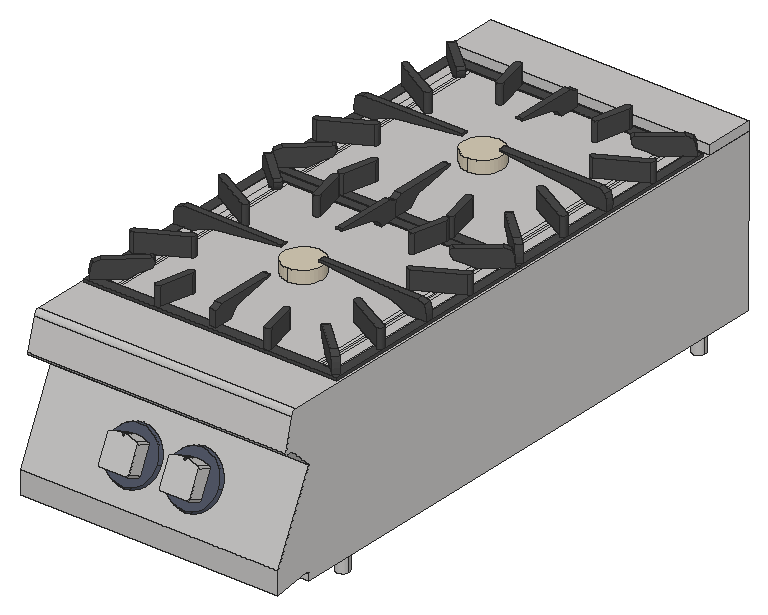
Revit family "QF_ZANUSSI_392000_Z9GCGD2S00", category Specialty Equipment, Revit 2018 (continued)
Definition of nested family "QF_392000_BURNER"
  Automatic sketch dimensions
    plane 1 "BACK" to curve 77 = 15 mm
    curve 77 to curve 83 = 30.799 mm
    curve 78 to plane 5 "FRONT" = 15 mm
    curve 80 to curve 71 = 7.989 mm
    curve 78 to curve 60 = 30.799 mm
    curve 78 to curve 80 = 13.475 mm
    curve 55 to curve 79 = 10.979 mm
    curve 82 to curve 57 = 6.514 mm
    curve 80 to curve 78 = 0 mm
    curve 80 to curve 82 = 11.41 mm
    curve 77 to curve 66 = 37.77 mm
    curve 60 to curve 79 = 11.41 mm
    plane 8 "Center X" to curve 81 = 7.403 mm
    plane 8 "Center X" to curve 84 = 7.403 mm
    curve 82 to plane 8 "Center X" = 2.597 mm
    curve 82 to curve 84 = 0 mm
    curve 79 to plane 8 "Center X" = 2.597 mm
    curve 79 to curve 81 = 0 mm
    curve 81 to curve 51 = 10.979 mm
    curve 53 to curve 85 = 17.924 mm
    curve 84 to curve 81 = 30.799 mm
    curve 84 to curve 85 = 11.41 mm
    curve 52 to curve 84 = 19.83 mm
    curve 81 to curve 83 = 11.41 mm
    curve 67 to curve 85 = 7.989 mm
    curve 85 to curve 77 = 0 mm
    curve 85 to curve 77 = 13.475 mm
    curve 86 to curve 37 = 26.152 mm
    curve 4 to curve 86 = 10.263 mm
    curve 86 to curve 4 = 0 mm
    curve 36 to curve 21 = 26.152 mm
    curve 88 to curve 88 = 25 mm
    plane 8 "Center X" to curve 89 = 69.193 mm
    curve 43 to curve 90 = 9.597 mm
    curve 43 to curve 90 = 0.432 mm
    plane 1 "BACK" to curve 90 = 20.286 mm
    curve 93 to plane 8 "Center X" = 2.597 mm
    plane 8 "Center X" to curve 91 = 7.403 mm
    curve 95 to plane 8 "Center X" = 69.193 mm
    curve 93 to curve 94 = 28.333 mm
    curve 95 to curve 12 = 33.104 mm
    curve 21 to curve 87 = 10.263 mm
    curve 87 to curve 21 = 0 mm
    curve 91 to curve 90 = 11.41 mm
    curve 89 to curve 87 = 21.732 mm
    curve 89 to curve 92 = 11.41 mm
    curve 92 to curve 89 = 0 mm
    plane 8 "Center X" to curve 92 = 7.403 mm
    curve 91 to curve 90 = 0 mm
    curve 93 to curve 95 = 0 mm
    curve 93 to curve 95 = 11.41 mm
    curve 11 to curve 94 = 0 mm
    curve 11 to curve 94 = 11.41 mm
    curve 95 to curve 11 = 30.799 mm
    curve 95 to curve 12 = 13.475 mm
    plane 3 "LEFT" to curve 95 = 45.799 mm
    curve 95 to curve 5 = 33.104 mm
    Extrusion 8 sketch curve to Extrusion 3 = 5.275 mm  (x2)
    Extrusion 8 sketch curve to Extrusion 8 sketch curve = 1.125 mm  (x16)
    Extrusion 3 to Extrusion 8 sketch curve = 38.711 mm  (x2)
    Extrusion 8 sketch curve to Extrusion 3 = 7.19 mm  (x3)
    Extrusion 3 to Extrusion 8 sketch curve = 72.734 mm  (x2)
    Extrusion 8 sketch curve to Extrusion 8 sketch curve = 4.382 mm  (x16)
    Extrusion 8 sketch curve to Extrusion 3 = 2.995 mm  (x4)
    Extrusion 8 sketch curve to Extrusion 8 sketch curve = 34.416 mm  (x4)
    Extrusion 3 to Extrusion 8 sketch curve = 50.629 mm  (x3)
    Extrusion 8 sketch curve to Extrusion 8 sketch curve = 93.773 mm  (x2)
    Extrusion 3 to Extrusion 8 sketch curve = 40.96 mm  (x2)
    Extrusion 8 sketch curve to Extrusion 3 = 7.476 mm  (x2)
    Extrusion 8 sketch curve to Extrusion 8 sketch curve = 2.408 mm  (x4)
    Extrusion 3 to Extrusion 8 sketch curve = 91.634 mm  (x2)
    Extrusion 8 sketch curve to Extrusion 8 sketch curve = 4.872 mm  (x8)
    Extrusion 8 sketch curve to Extrusion 8 sketch curve = 11.182 mm  (x4)
    Extrusion 3 to Extrusion 8 sketch curve = 112.56 mm
    Extrusion 8 sketch curve to Extrusion 8 sketch curve = 61.931 mm
    Extrusion 3 to Extrusion 8 sketch curve = 55.445 mm
    Extrusion 8 sketch curve to Extrusion 8 sketch curve = 4.816 mm
    curve 67 to curve 85 = 19.656 mm
    curve 71 to curve 80 = 19.656 mm
    curve 99 to plane 5 "FRONT" = 7.524 mm
    curve 74 to curve 99 = 41.179 mm
    curve 98 to curve 99 = 4.872 mm
    curve 96 to plane 5 "FRONT" = 5.275 mm
    curve 99 to curve 96 = 4.872 mm
    curve 99 to curve 98 = 11.182 mm
    curve 98 to curve 97 = 4.872 mm
    curve 96 to plane 5 "FRONT" = 53.711 mm
    curve 97 to curve 96 = 4.872 mm
    curve 97 to curve 97 = 1.125 mm
    curve 103 to curve 70 = 62.105 mm
    curve 103 to curve 103 = 4.872 mm  (x2)
    curve 100 to plane 5 "FRONT" = 5.275 mm
    curve 100 to curve 100 = 11.182 mm
    curve 101 to curve 101 = 4.872 mm
    curve 102 to plane 5 "FRONT" = 7.524 mm
    curve 101 to curve 102 = 4.872 mm
    curve 100 to curve 100 = 48.436 mm
    curve 103 to curve 103 = 1.125 mm
    curve 106 to curve 67 = 62.105 mm
    curve 107 to curve 107 = 4.872 mm
    plane 1 "BACK" to curve 104 = 55.96 mm
    curve 107 to curve 104 = 4.872 mm
    plane 1 "BACK" to curve 105 = 5.275 mm
    curve 107 to curve 105 = 11.182 mm
    curve 105 to curve 105 = 4.872 mm  (x2)
    curve 107 to curve 107 = 1.125 mm
    plane 1 "BACK" to curve 104 = 7.524 mm
    plane 1 "BACK" to curve 109 = 7.524 mm
    curve 62 to curve 109 = 41.179 mm
    curve 109 to curve 109 = 4.872 mm
    plane 1 "BACK" to curve 108 = 5.275 mm
    curve 109 to curve 108 = 4.872 mm
    curve 110 to curve 111 = 11.182 mm
    curve 110 to curve 111 = 4.872 mm
    plane 1 "BACK" to curve 108 = 53.711 mm
    curve 111 to curve 108 = 4.872 mm
    curve 111 to curve 108 = 2.25 mm
    radius of Extrusion 4 sketch curve = 30 mm
